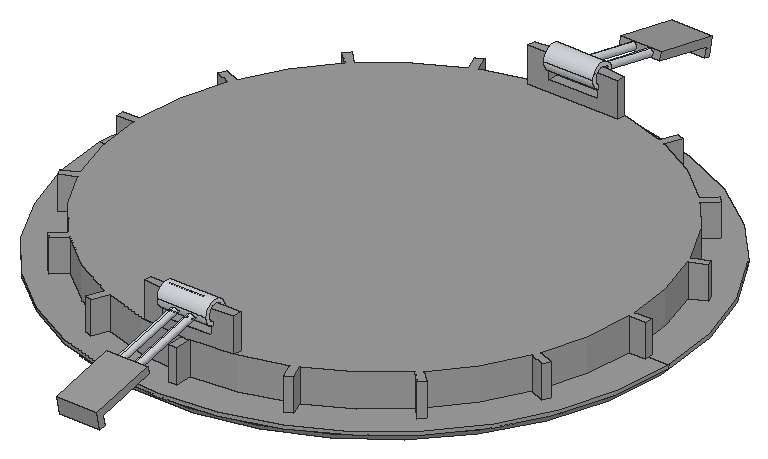
Revit family "Alcon-14133-6 -Revit-Family", category Lighting Fixtures, host Ceiling, Revit 2021
Family settings
  Host = Ceiling
  Round Connector Dimension = Use Diameter
  Part Type = Normal
  OmniClass Number = 23.80.70.11
  OmniClass Title = Luminaries for Internal Lighting
  Always vertical = Yes
  Cut with Voids When Loaded = No
  Light Source = Yes
  Shared = No
  Room Calculation Point = No
Parameters (values of type "Type 1")
  Wattage = 9.2903 W
  built-in parameter 1150110 = 1 (stored number, unit not read)
  built-in parameter 1114217 = 1 (stored number, unit not read)
  Tilt Angle = 90.00°
  built-in parameter 1150109 = 1 (stored number, unit not read)
  built-in parameter 1150134 = 3
  built-in parameter 1150113 = 1 (stored number, unit not read)
  built-in parameter 1010507 = 1.5708 (stored number, unit not read)
  built-in parameter 1010506 = 0.5236 (stored number, unit not read)
  Product Identity = "Alcon Lighting 14133-6"
  Metal = none
  Manufacturer = "Alcon Light"
  built-in parameter 1150105 = 4614.1 (stored number, unit not read)
  Lumens = 1380 lm
  built-in parameter 1150115 = 1 (stored number, unit not read)
  Link To Product Page = "https://www.alconlighting.com/14133-6.html"
  LightSource = light
  Reflector = Default metal
  Light Source Symbol Length = 10' - 0"
  built-in parameter 1150137 = (empty or 0)
  built-in parameter 1150139 = (empty or 0)
  Lens = Default
  built-in parameter 1150112 = 1 (stored number, unit not read)
  built-in parameter 1150114 = 1 (stored number, unit not read)
  built-in parameter 1150132 = (empty or 0)
  built-in parameter 1150102 = (empty or 0)
  built-in parameter 1150107 = 3200 (stored number, unit not read)
  built-in parameter 1150138 = (empty or 0)
  built-in parameter 1150106 = 46.141 (stored number, unit not read)
  Housing = Default
  Emit from Circle Diameter = 0' - 6"
  Emit Shape Visible in Rendering = no
  built-in parameter 1150104 = 13.8 (stored number, unit not read)
  Dimming Lamp Color Temperature Shift = <None>
  Default Elevation = 0' - 0"
  Color Filter = 16777215
  built-in parameter 1114218 = 1 (stored number, unit not read)
  built-in parameter 1150133 = 10 (stored number, unit not read)
Reference planes (in)
  plane 1 "Light Source Axis (F/B)": y = 0
  plane 2: z = 0
  plane 3 "Light Source Axis (L/R)": x = 0
  plane 4 "Ceiling": z = 157.73031
  plane 5 "Light Source Elevation": z = 157.96989
Forms (in)
  Extrusion 1, void
    sketch origin (0, 0, 157.73031) x (0, 1, 0) y (-1, 0, 0)
      loop
        circle (0, 0) r 3.5
    from -0.44379 to 0.09897
  Revolve 2, solid, material "Default" <- "Housing"
    sketch origin (-40.7589, 0, 309.32064) x (0.965926, 0, 0.258819) y (-0.258819, 0, 0.965926)
      loop
        line (-3.18259, -156.23525) -> (-2.7997, -156.33784) -> (-2.76216, -156.19774) -> (-3.24513, -156.06833) -> (-3.25585, -156.10835) -> (-3.18259, -156.23525)
      axis (0.13561, -156.97419) -> (0.09807, -157.1143)
    angle from 0 to 360
  Revolve 3, solid, material "Default" <- "Lens"
    sketch origin (-40.7589, 0, 6.38445) x (0.965926, 0, -0.258819) y (0.258819, 0, 0.965926)
      loop
        line (-2.67101, 155.85755) -> (0.22677, 156.63401) -> (0.19889, 156.73807) -> (-2.69889, 155.96161) -> (-2.67101, 155.85755)
      axis (0.22677, 156.63401) -> (0.19889, 156.73807)
    angle from 0 to 360
  Revolve 4, solid, material "light" <- "LightSource"
    sketch origin (-40.7589, 0, 6.38445) x (0.965926, 0, -0.258819) y (0.258819, 0, 0.965926)
      loop
        line (-2.73058, 156.07988) -> (0.16719, 156.85634) -> (0.13688, 156.96948) -> (-2.7609, 156.19302) -> (-2.73058, 156.07988)
      axis (0.16719, 156.85634) -> (0.13688, 156.96948)
    angle from 0 to 360
  Extrusion 5, solid, material "Default" <- "Housing"
    sketch origin (0, 1.0406, 0.07803) x (1, 0, 0) y (0, 0, -1)
      loop
        line (0.55098, -158.05228) -> (-0.55098, -158.05228) -> (-0.55098, -158.48008) -> (0.55098, -158.48008) -> (0.55098, -158.05228)
      loop
        line (0.30098, -158.35088) -> (0.30098, -158.18975) -> (-0.30098, -158.18975) -> (-0.30098, -158.35088) -> (0.30098, -158.35088)
    from 1.85938 to 2.06612
  Extrusion 6, void
    sketch origin (0, 0, 157.73031) x (0, 1, 0) y (-1, 0, 0)
      loop
        circle (0, 0) r 3.04743
      loop
        circle (0, 0) r 3.39639
    from 0 to 0.8278
  Extrusion 7, solid, material <- "Metal"
    sketch origin (0, 1.0406, 0.07803) x (0, -1, 0) y (0, 0, -1)
      loop
        circle (-1.93042, -158.41612) r 0.10123
      loop
        circle (-1.93042, -158.41612) r 0.14236
    from -0.30098 to 0.30098
  Extrusion 8, void
    sketch origin (0, 0, 157.82929) x (-1, 0, 0) y (0, 1, 0)
      loop
        circle (0, 0) r 3
    from -0.1406 to 0.09897
  Extrusion 9, solid, material "Default" <- "Housing"
    sketch origin (0, 0, 157.82929) x (-1, 0, 0) y (0, 1, 0)
      loop
        arc (3.04706, 0.04762) -> (2.98757, 0.60104) -> (2.82842, 1.13442) r 3.04743
        line (2.82842, 1.13442) -> (3.01525, 1.21276)
        arc (3.01525, 1.21276) -> (2.99715, 1.25681) -> (2.97842, 1.30059) r 3.25
        line (2.97842, 1.30059) -> (2.79159, 1.22224)
        arc (2.79159, 1.22224) -> (2.53015, 1.69859) -> (2.18827, 2.12093) r 3.04743
        line (2.18827, 2.12093) -> (2.33152, 2.26418)
        arc (2.33152, 2.26418) -> (2.2981, 2.2981) -> (2.26418, 2.33152) r 3.25
        line (2.26418, 2.33152) -> (2.12093, 2.18827)
        arc (2.12093, 2.18827) -> (1.68753, 2.53753) -> (1.19784, 2.80215) r 3.04743
        line (1.19784, 2.80215) -> (1.27455, 2.98965)
        arc (1.27455, 2.98965) -> (1.23061, 3.00801) -> (1.18641, 3.02571) r 3.25
        line (1.18641, 3.02571) -> (1.10969, 2.83821)
        arc (1.10969, 2.83821) -> (0.588, 2.99017) -> (0.04762, 3.04706) r 3.04743
        line (0.04762, 3.04706) -> (0.04762, 3.24965)
        arc (0.04762, 3.24965) -> (0, 3.25) -> (-0.04762, 3.24965) r 3.25
        line (-0.04762, 3.24965) -> (-0.04762, 3.04706)
        arc (-0.04762, 3.04706) -> (-0.588, 2.99017) -> (-1.10969, 2.83821) r 3.04743
        line (-1.10969, 2.83821) -> (-1.18641, 3.02571)
        arc (-1.18641, 3.02571) -> (-1.23061, 3.00801) -> (-1.27455, 2.98965) r 3.25
        line (-1.27455, 2.98965) -> (-1.19784, 2.80215)
        arc (-1.19784, 2.80215) -> (-1.68753, 2.53753) -> (-2.12093, 2.18827) r 3.04743
        line (-2.12093, 2.18827) -> (-2.26418, 2.33152)
        arc (-2.26418, 2.33152) -> (-2.2981, 2.2981) -> (-2.33152, 2.26418) r 3.25
        line (-2.33152, 2.26418) -> (-2.18827, 2.12093)
        arc (-2.18827, 2.12093) -> (-2.53015, 1.69859) -> (-2.79159, 1.22224) r 3.04743
        line (-2.79159, 1.22224) -> (-2.97842, 1.30059)
        arc (-2.97842, 1.30059) -> (-2.99715, 1.25681) -> (-3.01525, 1.21276) r 3.25
        line (-3.01525, 1.21276) -> (-2.82842, 1.13442)
        arc (-2.82842, 1.13442) -> (-2.98757, 0.60104) -> (-3.04706, 0.04762) r 3.04743
        line (-3.04706, 0.04762) -> (-3.24965, 0.04762)
        arc (-3.24965, 0.04762) -> (-3.25, 0) -> (-3.24965, -0.04762) r 3.25
        line (-3.24965, -0.04762) -> (-3.04706, -0.04762)
        arc (-3.04706, -0.04762) -> (-2.98757, -0.60104) -> (-2.82842, -1.13442) r 3.04743
        line (-2.82842, -1.13442) -> (-3.01525, -1.21276)
        arc (-3.01525, -1.21276) -> (-2.99715, -1.25681) -> (-2.97842, -1.30059) r 3.25
        line (-2.97842, -1.30059) -> (-2.79159, -1.22224)
        arc (-2.79159, -1.22224) -> (-2.53015, -1.69859) -> (-2.18827, -2.12093) r 3.04743
        line (-2.18827, -2.12093) -> (-2.33152, -2.26418)
        arc (-2.33152, -2.26418) -> (-2.2981, -2.2981) -> (-2.26418, -2.33152) r 3.25
        line (-2.26418, -2.33152) -> (-2.12093, -2.18827)
        arc (-2.12093, -2.18827) -> (-1.68753, -2.53753) -> (-1.19784, -2.80215) r 3.04743
        line (-1.19784, -2.80215) -> (-1.27455, -2.98965)
        arc (-1.27455, -2.98965) -> (-1.23061, -3.00801) -> (-1.18641, -3.02571) r 3.25
        line (-1.18641, -3.02571) -> (-1.10969, -2.83821)
        arc (-1.10969, -2.83821) -> (-0.588, -2.99017) -> (-0.04762, -3.04706) r 3.04743
        line (-0.04762, -3.04706) -> (-0.04762, -3.24965)
        arc (-0.04762, -3.24965) -> (0, -3.25) -> (0.04762, -3.24965) r 3.25
        line (0.04762, -3.24965) -> (0.04762, -3.04706)
        arc (0.04762, -3.04706) -> (0.588, -2.99017) -> (1.10969, -2.83821) r 3.04743
        line (1.10969, -2.83821) -> (1.18641, -3.02571)
        arc (1.18641, -3.02571) -> (1.23061, -3.00801) -> (1.27455, -2.98965) r 3.25
        line (1.27455, -2.98965) -> (1.19784, -2.80215)
        arc (1.19784, -2.80215) -> (1.68753, -2.53753) -> (2.12093, -2.18827) r 3.04743
        line (2.12093, -2.18827) -> (2.26418, -2.33152)
        arc (2.26418, -2.33152) -> (2.2981, -2.2981) -> (2.33152, -2.26418) r 3.25
        line (2.33152, -2.26418) -> (2.18827, -2.12093)
        arc (2.18827, -2.12093) -> (2.53015, -1.69859) -> (2.79159, -1.22224) r 3.04743
        line (2.79159, -1.22224) -> (2.97842, -1.30059)
        arc (2.97842, -1.30059) -> (2.99715, -1.25681) -> (3.01525, -1.21276) r 3.25
        line (3.01525, -1.21276) -> (2.82842, -1.13442)
        arc (2.82842, -1.13442) -> (2.98757, -0.60104) -> (3.04706, -0.04762) r 3.04743
        line (3.04706, -0.04762) -> (3.24965, -0.04762)
        arc (3.24965, -0.04762) -> (3.25, 0) -> (3.24965, 0.04762) r 3.25
        line (3.24965, 0.04762) -> (3.04706, 0.04762)
    from -0.30103 to 0.09897
  Extrusion 10, solid, material "Default" <- "Housing"
    sketch origin (0, -1.0406, 0.07803) x (1, 0, 0) y (0, 0, 1)
      loop
        line (0.55098, 158.05228) -> (0.55098, 158.48008) -> (-0.55098, 158.48008) -> (-0.55098, 158.05228) -> (0.55098, 158.05228)
      loop
        line (0.30098, 158.35088) -> (-0.30098, 158.35088) -> (-0.30098, 158.18975) -> (0.30098, 158.18975) -> (0.30098, 158.35088)
    from 1.85938 to 2.06612
  Extrusion 11, solid, material <- "Metal"
    sketch origin (0, -3.96614, 158.18921) x (0, -0.210804, 0.977528) y (1, 0, 0)
      loop
        circle (0.05869, -0.09783) r 0.04098
      loop
        circle (0.05869, 0.10564) r 0.04098
    from 0.03995 to 0.91861
  Extrusion 12, solid, material <- "Metal"
    sketch origin (0, -1.0406, 0.07803) x (0, 1, 0) y (0, 0, 1)
      loop
        circle (-1.93042, 158.41612) r 0.10123
      loop
        circle (-1.93042, 158.41612) r 0.14236
    from -0.30098 to 0.30098
  Extrusion 13, solid, material "Default" <- "Housing"
    sketch origin (0, -141.46152, 79.86954) x (0, 0.487386, -0.873186) y (0, 0.873186, 0.487386)
      loop
        line (-1.47056, 158.30225) -> (-1.70311, 157.5416) -> (-1.4985, 157.47905) -> (-1.47817, 157.54557) -> (-1.59175, 157.58029) -> (-1.37954, 158.27442) -> (-1.47056, 158.30225)
    from -0.25 to 0.25
  Extrusion 14, solid, material <- "Metal"
    sketch origin (0, 3.96614, 158.18921) x (0, 0.210804, 0.977528) y (-1, 0, 0)
      loop
        circle (0.05869, 0.09783) r 0.04098
      loop
        circle (0.05869, -0.10564) r 0.04098
    from 0.03995 to 0.91861
  Extrusion 15, solid, material "Default" <- "Housing"
    sketch origin (0, 141.46152, 79.86954) x (0, -0.487386, -0.873186) y (0, 0.873186, -0.487386)
      loop
        line (-1.47056, -158.30225) -> (-1.37954, -158.27442) -> (-1.59175, -157.58029) -> (-1.47817, -157.54557) -> (-1.4985, -157.47905) -> (-1.70311, -157.5416) -> (-1.47056, -158.30225)
    from -0.25 to 0.25
Cuts and joins
  Extrusion 6 cuts Extrusion 5
  Extrusion 6 cuts Extrusion 10
Dimensions and locks (in)
  equal spacing: host sketch curve, plane 3 "Light Source Axis (L/R)", host sketch curve
  equal spacing: host sketch curve, plane 1 "Light Source Axis (F/B)", host sketch curve
  host sketch curve to host sketch curve = 13' - 1.48031"  (x2)
  host ceiling to plane 4 "Ceiling" = 0' - 0"
